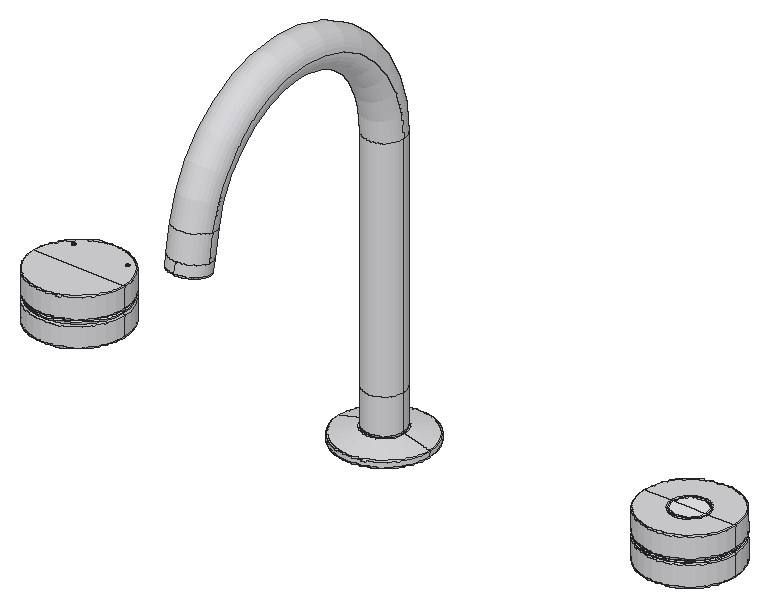
Revit family "Faucet_Touchless-Lavatory-KOHLER-Components-K-26799T_1", category Plumbing Fixtures, host Face, Revit 2021
Family settings
  Host = Face
  Round Connector Dimension = Use Diameter
  Part Type = Normal
  OmniClass Number = 23.31.11.00
  OmniClass Title = Faucets
  Cut with Voids When Loaded = No
  Shared = No
  Room Calculation Point = No
Parameters (values of type "CP-Polished Chrome")
  Width [instance] = Distance To Handle + Distance To Cover  # 15 3/4"
  WaterSense Certified = 1 = 0  # no
  Waste Water Outlet = "Waste Water Outlet"  # constant formula
  Waste Connection = 1 = 0  # no
  Vent Connection = 1 = 0  # no
  URL = "http://www.kohler.com.cn/"
  Type = 1
  Spout Reach = 6 19/64"  # constant formula
  Product Page URL = ""
  Product Name = "Components"  # constant formula
  Product Documentation Link = ""
  Pressure = 0.00 psi
  Model = "K-26799T-CP"  # constant formula
  Material = "Premium Metal Construction"  # constant formula
  Master Format 2014 Name = "Residential Faucets, Supplies, and Trim"  # constant formula
  Master Format 2014 = "22 41 39"  # constant formula
  Manufacturer Address = "Kohler Beijing Office (100016)36-2-03-B, No. 88, Liuxiang Road, Beijing"  # constant formula
  Manufacturer = "Kohler Co."  # constant formula
  Length = Spout Reach  # 6 19/64"
  Hot Water Inlet = "Hot Water Inlet"  # constant formula
  Height = 10 171/256"  # constant formula
  Handle Clearance = 2 93/256"  # constant formula
  HW Connection = 1 = 1  # yes
  Flow Rate = 2.2 GPM  # constant formula
  Finish = Kohler-Metal-CP-Polished_Chrome
  Environmental Product Declaration = ""
  Drain Included = 1 = 1  # yes
  Distance To Handle [instance] = 7 7/8"
  Distance To Cover [instance] = 7 7/8"
  Description = "Widespread Touchless Lavatory Faucet"  # constant formula
  Default Elevation = 36"
  Declare Label = ""
  Date Modified = "05/13/2023"  # constant formula
  Date Created = "05/13/2023"  # constant formula
  Copyright = "Copyright Kohler Co."  # constant formula
  Contact Us = "http://www.kohler.com.cn/contact/contact-us/"
  Cold Water Inlet = "Cold Water Inlet"  # constant formula
  CW Connection = 1 = 1  # yes
  Assembly Code = "D2010"
  ADA Compliant = 1 = 0  # no
Reference planes (in)
  plane 1 "Center (Front/Back)": y = 0
  plane 2: z = 0
  plane 3 "Center (Left/Right)": x = 0
  plane 4: x = -7.875
  plane 5: x = 7.875
  plane 6: x = 1.1811
  plane 7: x = -1.1811
  plane 8: x = 0.49213
  plane 9: x = -0.49213
  plane 10: y = -6.29688
  plane 11: y = -1.1811
  plane 12: y = 1.1811
  plane 13: x = -9.05664
  plane 14: x = 9.0561
  plane 15: x = -6.69336
  plane 16: x = 6.6939
  plane 17: z = 6.69291
  plane 18: y = -6.77953
  plane 19: z = 10.66797
  plane 20: y = -0.49213
  plane 21: y = 0.49213
  plane 22: z = 1.20276
  plane 23: x = -8.4159
  plane 24: x = -7.3341
  plane 25: z = 0.31496
Dimensions and locks (in)
  "Width": plane 4 to plane 5
  locked: plane 16 to plane 14 at 2.3622
  "Handle Clearance": plane 13 to plane 15
  plane 22 to level = 1.20276"
  "Height": plane 19 to level
  plane 17 to level = 6.69291"
  "Length": plane 1 "Center (Front/Back)" to plane 10
  plane 12 to plane 11 = 2.3622"
  plane 7 to plane 6 = 2.3622"
  equal spacing: plane 13, plane 4, plane 15
  equal spacing: plane 16, plane 5, plane 14
  locked: plane 23 to plane 24 at 1.0818
  equal spacing: plane 23, plane 4, plane 24
  plane 9 to plane 8 = 0.98425"
  plane 21 to plane 20 = 0.98425"
  plane 12 to plane 18 = 7.96063"
  "Distance To Handle": plane 3 "Center (Left/Right)" to plane 4
  "Distance To Cover": plane 5 to plane 3 "Center (Left/Right)"
  aligned and locked: plane 2 to host face
  aligned and locked: level to host face
  aligned and locked: plane 4 to nested 2
  aligned and locked: plane 5 to nested 1
  aligned and locked: plane 3 "Center (Left/Right)" to nested 3
Automatic sketch dimensions
  host sketch curve to host sketch curve = 96"  (x2)
Nested families (in)
  nested 1: "K-26799T_Cover" at (7.875, 0, 0), type "K-26799T_Cover"
  nested 2: "K-26799T_Handle" at (-7.875, 0, 0), type "K-26799T_Handle"
  nested 3: "K-26799T_Spout" at (0, 0, 0), type "K-26799T_Spout"
Connectors (in)
  piping at (-8.4159, 0, 0), diameter 0.5, driven by "Flow Rate", driven by "HW Connection", driven by "Hot Water Inlet"
    settings: on nested 2, index 1, connector inside diameter 24", connector length 0", flow factor 0, pipe flow 2.2 GPM, pressure drop 0.00 psi, fitting loss kfactor 0, connector angle 0.00°, fixture units 0, engagement length 0", angle of deflection 0.00°, flow configuration 1, flow direction 1, fitting loss method 0, system type 19, joint type 0, gender type 0, connector reference index -1, connector utility 1, adjustable connector no, is connector primary yes, connector description "Hot Water Inlet"
  piping at (-7.3341, 0, 0), diameter 0.5, driven by "Flow Rate", driven by "CW Connection", driven by "Cold Water Inlet"
    settings: on nested 2, index 2, connector inside diameter 24", connector length 0", flow factor 0, pipe flow 2.2 GPM, pressure drop 0.00 psi, fitting loss kfactor 0, connector angle 0.00°, fixture units 0, engagement length 0", angle of deflection 0.00°, flow configuration 1, flow direction 1, fitting loss method 0, system type 20, joint type 0, gender type 0, connector reference index -1, connector utility 1, adjustable connector no, is connector primary no, connector description "Cold Water Inlet"
Definition of nested family "K-26799T_Cover"
  Parameters
    Material = none
    Default Elevation = 0"
  Reference planes (in)
    plane 1 "Center (Front/Back)": y = 0
    plane 2: z = 0
    plane 3 "Center (Left/Right)": x = 0
    plane 4: x = -1.1811
    plane 5: x = 1.1811
    plane 6: z = 1.20276
    plane 7: y = 1.1811
    plane 8: y = -1.1811
  Forms (in)
    Revolve 1, solid, material <- "Material", detail levels medium+fine
      sketch origin (0, 0, 0) x (1, 0, 0) y (0, 0, 1)
        loop
          line (0, 1.1437) -> (0, 0) -> (1.16142, 0)
          arc (1.16142, 0) -> (1.17534, 0.00577) -> (1.1811, 0.01969) r 0.01969
          line (1.1811, 0.01969) -> (1.1811, 0.53156)
          arc (1.1811, 0.53156) -> (1.17534, 0.54548) -> (1.16142, 0.55125) r 0.01969
          line (1.16142, 0.55125) -> (1.10262, 0.55125)
          arc (1.10262, 0.55125) -> (1.0887, 0.55701) -> (1.08293, 0.57093) r 0.01969
          line (1.08293, 0.57093) -> (1.08293, 0.65184) -> (1.16142, 0.65184)
          arc (1.16142, 0.65184) -> (1.17534, 0.65761) -> (1.1811, 0.67153) r 0.01969
          line (1.1811, 0.67153) -> (1.1811, 1.18307)
          arc (1.1811, 1.18307) -> (1.17534, 1.19699) -> (1.16142, 1.20276) r 0.01969
          line (1.16142, 1.20276) -> (0.47197, 1.20276)
          arc (0.47197, 1.20276) -> (0.45805, 1.19699) -> (0.45228, 1.18307) r 0.01969
          line (0.45228, 1.18307) -> (0.45228, 1.1437) -> (0, 1.1437)
        axis (0, 1.20276) -> (0, 0)
      angle from 0 to 360
    Revolve 2, solid, detail levels medium+fine
      sketch origin (0, 0, 0) x (1, 0, 0) y (0, 0, 1)
        loop
          line (0.43689, 1.1437) -> (0.43689, 1.18307)
          arc (0.43689, 1.18307) -> (0.43113, 1.19699) -> (0.41721, 1.20276) r 0.01969
          line (0.41721, 1.20276) -> (0, 1.20276) -> (0, 1.1437) -> (0.43689, 1.1437)
        axis (0, 1.20276) -> (0, 1.1437)
      angle from 0 to 360
    Revolve 3, solid, material <- "Material", detail levels coarse
      sketch origin (0, 0, 0) x (1, 0, 0) y (0, 0, 1)
        loop
          line (0, 1.20276) -> (0, 1.1437) -> (0.43689, 1.1437) -> (0.43689, 1.20276) -> (0, 1.20276)
        loop
          line (1.1811, 0) -> (1.1811, 1.20276) -> (0.45228, 1.20276) -> (0.45228, 1.13618) -> (0, 1.13618) -> (0, 0) -> (1.1811, 0)
        axis (0, 1.20276) -> (0, 0)
      angle from 0 to 360
  Lines and regions (in)
    Masking region 1
      outline origin (0, 0, 0) x (1, 0, 0) y (0, 1, 0)
        loop
          circle (0, 0) r 1.1811
    Masking region 2
      outline origin (0, 0, 0) x (1, 0, 0) y (0, 0, 1)
        loop
          arc (1.1811, 1.18307) -> (1.17534, 1.19699) -> (1.16142, 1.20276) r 0.01969
          line (1.16142, 1.20276) -> (0, 1.20276) -> (-1.16142, 1.20276)
          arc (-1.16142, 1.20276) -> (-1.17534, 1.19699) -> (-1.1811, 1.18307) r 0.01969
          line (-1.1811, 1.18307) -> (-1.1811, 0.67153)
          arc (-1.1811, 0.67153) -> (-1.17534, 0.65761) -> (-1.16142, 0.65184) r 0.01969
          line (-1.16142, 0.65184) -> (-1.08293, 0.65184) -> (-1.08293, 0.57093)
          arc (-1.08293, 0.57093) -> (-1.0887, 0.55701) -> (-1.10262, 0.55125) r 0.01969
          line (-1.10262, 0.55125) -> (-1.16142, 0.55125)
          arc (-1.16142, 0.55125) -> (-1.17534, 0.54548) -> (-1.1811, 0.53156) r 0.01969
          line (-1.1811, 0.53156) -> (-1.1811, 0.01969)
          arc (-1.1811, 0.01969) -> (-1.17534, 0.00577) -> (-1.16142, 0) r 0.01969
          line (-1.16142, 0) -> (0, 0) -> (1.16142, 0)
          arc (1.16142, 0) -> (1.17534, 0.00577) -> (1.1811, 0.01969) r 0.01969
          line (1.1811, 0.01969) -> (1.1811, 0.53156)
          arc (1.1811, 0.53156) -> (1.17534, 0.54548) -> (1.16142, 0.55125) r 0.01969
          line (1.16142, 0.55125) -> (1.10262, 0.55125)
          arc (1.10262, 0.55125) -> (1.0887, 0.55701) -> (1.08293, 0.57093) r 0.01969
          line (1.08293, 0.57093) -> (1.08293, 0.65184) -> (1.16142, 0.65184)
          arc (1.16142, 0.65184) -> (1.17534, 0.65761) -> (1.1811, 0.67153) r 0.01969
          line (1.1811, 0.67153) -> (1.1811, 1.18307)
    Masking region 3
      outline origin (0, 0, 0) x (0, 1, 0) y (0, 0, 1)
        loop
          line (-1.1811, 1.18307) -> (-1.1811, 0.67153)
          arc (-1.1811, 0.67153) -> (-1.17534, 0.65761) -> (-1.16142, 0.65184) r 0.01969
          line (-1.16142, 0.65184) -> (-1.08048, 0.65184) -> (-1.08048, 0.57093)
          arc (-1.08048, 0.57093) -> (-1.08625, 0.55701) -> (-1.10017, 0.55125) r 0.01969
          line (-1.10017, 0.55125) -> (-1.16142, 0.55125)
          arc (-1.16142, 0.55125) -> (-1.17534, 0.54548) -> (-1.1811, 0.53156) r 0.01969
          line (-1.1811, 0.53156) -> (-1.1811, 0.01969)
          arc (-1.1811, 0.01969) -> (-1.17534, 0.00577) -> (-1.16142, 0) r 0.01969
          line (-1.16142, 0) -> (0.00245, 0) -> (1.16142, 0)
          arc (1.16142, 0) -> (1.17534, 0.00577) -> (1.1811, 0.01969) r 0.01969
          line (1.1811, 0.01969) -> (1.1811, 0.53156)
          arc (1.1811, 0.53156) -> (1.17534, 0.54548) -> (1.16142, 0.55125) r 0.01969
          line (1.16142, 0.55125) -> (1.10507, 0.55125)
          arc (1.10507, 0.55125) -> (1.09115, 0.55701) -> (1.08538, 0.57093) r 0.01969
          line (1.08538, 0.57093) -> (1.08538, 0.65184) -> (1.16142, 0.65184)
          arc (1.16142, 0.65184) -> (1.17534, 0.65761) -> (1.1811, 0.67153) r 0.01969
          line (1.1811, 0.67153) -> (1.1811, 1.18307)
          arc (1.1811, 1.18307) -> (1.17534, 1.19699) -> (1.16142, 1.20276) r 0.01969
          line (1.16142, 1.20276) -> (0.00245, 1.20276) -> (-1.16142, 1.20276)
          arc (-1.16142, 1.20276) -> (-1.17534, 1.19699) -> (-1.1811, 1.18307) r 0.01969
    symbolic lines, detail levels medium+fine
      curve 1: circle (0, 0, 0) r 0.46233 normal (0, 0, 1)
      curve 2: circle (0, 0, 0) r 0.44685 normal (0, 0, 1)
      curve 3: circle (0, 0, 0) r 1.15152 normal (0, 0, 1)
      curve 4: line (-1.1811, 0, 1.18307) -> (1.1811, 0, 1.18307)
      curve 5: line (-1.1811, 0, 0.67153) -> (1.1811, 0, 0.67153)
      curve 6: line (-1.08293, 0, 0.65184) -> (1.08293, 0, 0.65184)
      curve 7: line (1.10262, 0, 0.55125) -> (-1.10262, 0, 0.55125)
      curve 8: line (-1.08293, 0, 0.57093) -> (1.08293, 0, 0.57093)
      curve 9: line (1.1811, 0, 0.53156) -> (-1.1811, 0, 0.53156)
      curve 10: line (-1.1811, 0, 0.01969) -> (1.1811, 0, 0.01969)
      curve 11: line (0, 1.1811, 1.18307) -> (0, -1.1811, 1.18307)
      curve 12: line (0, 1.1811, 0.67153) -> (0, -1.1811, 0.67153)
      curve 13: line (0, 1.08538, 0.65184) -> (0, -1.08048, 0.65184)
      curve 14: line (0, -1.08048, 0.57093) -> (0, 1.08538, 0.57093)
      curve 15: line (0, 1.10507, 0.55125) -> (0, -1.10017, 0.55125)
      curve 16: line (0, -1.1811, 0.53156) -> (0, 1.1811, 0.53156)
      curve 17: line (0, 1.1811, 0.01969) -> (0, -1.1811, 0.01969)
  Dimensions and locks (in)
    aligned and locked: plane 2 to level
Definition of nested family "K-26799T_Handle"
  Parameters
    Material = none
    Default Elevation = 0"
  Reference planes (in)
    plane 1 "Center (Front/Back)": y = 0
    plane 2: z = 0
    plane 3 "Center (Left/Right)": x = 0
    plane 4: x = -1.1811
    plane 5: x = 1.1811
    plane 6: z = 1.20276
    plane 7: y = 1.1811
    plane 8: y = -1.1811
    plane 9: x = -0.3937
    plane 10: x = 0.3937
    plane 11: x = -0.5409
    plane 12: x = 0.5409
  Forms (in)
    Revolve 1, solid, material <- "Material", detail levels medium+fine
      sketch origin (0, 0, 0) x (1, 0, 0) y (0, 0, 1)
        loop
          line (0, 1.20276) -> (0, 0.55128) -> (1.1371, 0.55128)
          arc (1.1371, 0.55128) -> (1.14803, 0.56084) -> (1.14325, 0.57456) r 0.01298
          arc (1.14325, 0.57456) -> (1.08668, 0.61458) -> (1.02809, 0.6516) r 1.32993
          line (1.02809, 0.6516) -> (1.16142, 0.6516)
          arc (1.16142, 0.6516) -> (1.17534, 0.65736) -> (1.1811, 0.67128) r 0.01969
          line (1.1811, 0.67128) -> (1.1811, 1.18307)
          arc (1.1811, 1.18307) -> (1.17534, 1.19699) -> (1.16142, 1.20276) r 0.01969
          line (1.16142, 1.20276) -> (0, 1.20276)
        axis (0, 1.20276) -> (0, 0.55128)
      angle from 0 to 360
    Extrusion 2, void
      sketch origin (0, 0, 0) x (1, 0, 0) y (0, 1, 0)
        loop
          circle (-0.69636, 0.69627) r 0.04016
        loop
          circle (0.69636, 0.69627) r 0.04016
      from 1.18615 to 1.23523
    Extrusion 3, solid, detail levels medium+fine
      sketch origin (0, 0, 0) x (1, 0, 0) y (0, 1, 0)
        loop
          circle (-0.69636, 0.69627) r 0.03937
      from 1.18615 to 1.20276
    Extrusion 4, solid, detail levels medium+fine
      sketch origin (0, 0, 0) x (-1, 0, 0) y (0, -1, 0)
        loop
          circle (-0.69636, -0.69627) r 0.03937
      from 1.18615 to 1.20276
    Extrusion 5, void
      sketch origin (0, 0, 0) x (1, 0, 0) y (0, 0, 1)
        loop
          line (0.09843, 0.57585) -> (-0.09842, 0.57585) -> (-0.09842, 0.4499)
          arc (-0.09842, 0.4499) -> (0, 0.35148) -> (0.09843, 0.4499) r 0.09843
          line (0.09843, 0.4499) -> (0.09843, 0.57585)
      from -1.42697 to -0.8876
    Revolve 6, solid, material <- "Material", detail levels medium+fine
      sketch origin (0, 0, 0) x (1, 0, 0) y (0, 0, 1)
        loop
          line (0, 0) -> (1.16142, 0)
          arc (1.16142, 0) -> (1.17534, 0.00577) -> (1.1811, 0.01969) r 0.01969
          line (1.1811, 0.01969) -> (1.1811, 0.50916)
          arc (1.1811, 0.50916) -> (1.16876, 0.53894) -> (1.13898, 0.55128) r 0.04213
          line (1.13898, 0.55128) -> (0, 0.55128) -> (0, 0)
        axis (0, 0.55128) -> (0, 0)
      angle from 0 to 360
    Extrusion 7, solid, detail levels medium+fine
      sketch origin (0, 0, 0) x (1, 0, 0) y (0, 0, 1)
        loop
          line (0.09843, 0.55128) -> (-0.09842, 0.55128) -> (-0.09842, 0.4499)
          arc (-0.09842, 0.4499) -> (0, 0.35148) -> (0.09843, 0.4499) r 0.09843
          line (0.09843, 0.4499) -> (0.09843, 0.55128)
        loop
          line (-0.04122, 0.52) -> (-0.08003, 0.44998) -> (-0.05002, 0.40003) -> (0.05179, 0.40181) -> (0.08004, 0.45278) -> (0.03881, 0.52139) -> (-0.04122, 0.52)
      from -1.13392 to -0.8876
    Revolve 8, solid, material <- "Material", detail levels coarse
      sketch origin (0, 0, 0) x (1, 0, 0) y (0, 0, 1)
        loop
          line (1.1811, 1.20276) -> (0, 1.20276) -> (0, 0) -> (1.1811, 0) -> (1.1811, 1.20276)
        axis (0, 1.20276) -> (0, 0)
      angle from 0 to 360
    Extrusion 9, solid, material <- "Material", detail levels medium+fine
      sketch origin (0, 0, 0) x (1, 0, 0) y (0, 1, 0)
        loop
          circle (-0.5409, 0) r 0.25
        loop
          circle (0.5409, 0) r 0.25
      from 0 to 0.03419
  Cuts and joins
    Extrusion 2 cuts Revolve 1
    Extrusion 5 cuts Revolve 6
  Lines and regions (in)
    Masking region 1
      outline origin (0, 0, 0) x (1, 0, 0) y (0, 1, 0)
        loop
          circle (0, 0) r 1.1811
    Masking region 2
      outline origin (0, 0, 0) x (1, 0, 0) y (0, 0, 1)
        loop
          line (0, 0) -> (1.16142, 0)
          arc (1.16142, 0) -> (1.17534, 0.00577) -> (1.1811, 0.01969) r 0.01969
          line (1.1811, 0.01969) -> (1.1811, 0.50914)
          arc (1.1811, 0.50914) -> (1.1681, 0.5396) -> (1.1371, 0.55128) r 0.04218
          arc (1.1371, 0.55128) -> (1.14803, 0.56084) -> (1.14325, 0.57456) r 0.01298
          arc (1.14325, 0.57456) -> (1.08668, 0.61458) -> (1.02809, 0.6516) r 1.32993
          line (1.02809, 0.6516) -> (1.16142, 0.6516)
          arc (1.16142, 0.6516) -> (1.17534, 0.65736) -> (1.1811, 0.67128) r 0.01969
          line (1.1811, 0.67128) -> (1.1811, 1.18307)
          arc (1.1811, 1.18307) -> (1.17534, 1.19699) -> (1.16142, 1.20276) r 0.01969
          line (1.16142, 1.20276) -> (0, 1.20276) -> (-1.16142, 1.20276)
          arc (-1.16142, 1.20276) -> (-1.17534, 1.19699) -> (-1.1811, 1.18307) r 0.01969
          line (-1.1811, 1.18307) -> (-1.1811, 0.67128)
          arc (-1.1811, 0.67128) -> (-1.17534, 0.65736) -> (-1.16142, 0.6516) r 0.01969
          line (-1.16142, 0.6516) -> (-1.02809, 0.6516)
          arc (-1.02809, 0.6516) -> (-1.08668, 0.61458) -> (-1.14325, 0.57456) r 1.32993
          arc (-1.14325, 0.57456) -> (-1.14803, 0.56084) -> (-1.1371, 0.55128) r 0.01298
          arc (-1.1371, 0.55128) -> (-1.1681, 0.5396) -> (-1.1811, 0.50914) r 0.04218
          line (-1.1811, 0.50914) -> (-1.1811, 0.01969)
          arc (-1.1811, 0.01969) -> (-1.17534, 0.00577) -> (-1.16142, 0) r 0.01969
          line (-1.16142, 0) -> (0, 0)
    Masking region 3
      outline origin (0, 0, 0) x (0, 1, 0) y (0, 0, 1)
        loop
          line (0.00099, 0) -> (1.16142, 0)
          arc (1.16142, 0) -> (1.17534, 0.00577) -> (1.1811, 0.01969) r 0.01969
          line (1.1811, 0.01969) -> (1.1811, 0.50914)
          arc (1.1811, 0.50914) -> (1.1681, 0.5396) -> (1.1371, 0.55128) r 0.04218
          arc (1.1371, 0.55128) -> (1.14803, 0.56084) -> (1.14325, 0.57456) r 0.01298
          arc (1.14325, 0.57456) -> (1.08668, 0.61458) -> (1.02809, 0.6516) r 1.32993
          line (1.02809, 0.6516) -> (1.16142, 0.6516)
          arc (1.16142, 0.6516) -> (1.17534, 0.65736) -> (1.1811, 0.67128) r 0.01969
          line (1.1811, 0.67128) -> (1.1811, 1.18307)
          arc (1.1811, 1.18307) -> (1.17534, 1.19699) -> (1.16142, 1.20276) r 0.01969
          line (1.16142, 1.20276) -> (0.00099, 1.20276) -> (-1.16142, 1.20276)
          arc (-1.16142, 1.20276) -> (-1.17534, 1.19699) -> (-1.1811, 1.18307) r 0.01969
          line (-1.1811, 1.18307) -> (-1.1811, 0.67128)
          arc (-1.1811, 0.67128) -> (-1.17534, 0.65736) -> (-1.16142, 0.6516) r 0.01969
          line (-1.16142, 0.6516) -> (-1.02809, 0.6516)
          arc (-1.02809, 0.6516) -> (-1.08668, 0.61458) -> (-1.14325, 0.57456) r 1.32993
          arc (-1.14325, 0.57456) -> (-1.14803, 0.56084) -> (-1.1371, 0.55128) r 0.01298
          arc (-1.1371, 0.55128) -> (-1.1681, 0.5396) -> (-1.1811, 0.50914) r 0.04218
          line (-1.1811, 0.50914) -> (-1.1811, 0.01969)
          arc (-1.1811, 0.01969) -> (-1.17534, 0.00577) -> (-1.16142, 0) r 0.01969
          line (-1.16142, 0) -> (0.00099, 0)
    symbolic lines, detail levels medium+fine
      curve 1: circle (0, 0, 0) r 1.15637 normal (0, 0, 1)
      curve 2: circle (-0.69636, 0.69627, 0) r 0.04016 normal (0, 0, 1)
      curve 3: circle (0.69636, 0.69627, 0) r 0.03937 normal (0, 0, 1)
      curve 4: line (-1.1811, 0, 1.18307) -> (1.1811, 0, 1.18307)
      curve 5: line (1.1811, 0, 0.67128) -> (-1.1811, 0, 0.67128)
      curve 6: line (-1.02809, 0, 0.6516) -> (1.02809, 0, 0.6516)
      curve 7: line (-1.1811, 0, 0.01969) -> (1.1811, 0, 0.01969)
      curve 8: line (1.1811, 0, 0.50914) -> (-1.1811, 0, 0.50914)
      curve 9: line (-1.1371, 0, 0.55128) -> (1.1371, 0, 0.55128)
      curve 10: line (1.14325, 0, 0.57456) -> (-1.14325, 0, 0.57456)
      curve 11: line (0, 1.1811, 1.18307) -> (0, -1.1811, 1.18307)
      curve 12: line (0, -1.1811, 0.67128) -> (0, 1.1811, 0.67128)
      curve 13: line (0, 1.02809, 0.6516) -> (0, -1.02809, 0.6516)
      curve 14: line (0, -1.1371, 0.55128) -> (0, 1.1371, 0.55128)
      curve 15: line (0, 1.1811, 0.50914) -> (0, -1.1811, 0.50914)
      curve 16: line (0, -1.1811, 0.01969) -> (0, 1.1811, 0.01969)
      curve 17: line (0, 1.14325, 0.57456) -> (0, -1.14325, 0.57456)
  Dimensions and locks (in)
    plane 5 to plane 4 = 2.3622"
    Extrusion 3 sketch curve to plane 7 = 0.48483"
    aligned and locked: plane 2 to level
Definition of nested family "K-26799T_Spout"
  Parameters
    Material = none
    Default Elevation = 0"
  Reference planes (in)
    plane 1 "Center (Front/Back)": y = 0
    plane 2: z = 0
    plane 3 "Center (Left/Right)": x = 0
    plane 4: z = 10.66929
    plane 5: x = 0.49213
    plane 6: x = -0.49213
    plane 7: x = -1.1811
    plane 8: x = 1.1811
    plane 9: z = 6.69291
    plane 10: y = 0.49213
    plane 11: y = -0.49213
    plane 12: y = -6.29528
    plane 13: y = 1.1811
    plane 14: y = -1.1811
    plane 15: y = -6.77953
    plane 16 "A": through (0, -5.83294, 6.61087) normal (0, 0.1736, 0.9848)
  Forms (in)
    Revolve 1, solid, material <- "Material", detail levels medium+fine
      sketch origin (0, 0, 0) x (1, 0, 0) y (0, 0, 1)
        loop
          line (0, 0) -> (1.16142, 0)
          arc (1.16142, 0) -> (1.17534, 0.00577) -> (1.1811, 0.01969) r 0.01969
          line (1.1811, 0.01969) -> (1.1811, 0.13839)
          arc (1.1811, 0.13839) -> (1.17601, 0.15304) -> (1.16292, 0.16137) r 0.02362
          line (1.16292, 0.16137) -> (0.53156, 0.31086)
          arc (0.53156, 0.31086) -> (0.51411, 0.31393) -> (0.49643, 0.31496) r 0.15248
          line (0.49643, 0.31496) -> (0.46493, 0.31496)
          arc (0.46493, 0.31496) -> (0.48451, 0.32748) -> (0.49213, 0.34943) r 0.03544
          line (0.49213, 0.34943) -> (0.49213, 1.55286) -> (0, 1.55286) -> (0, 0)
        axis (0, 1.55286) -> (0, 0)
      angle from 0 to 360
    Sweep 2, solid, material <- "Material", detail levels medium+fine
      path origin (0, 0, 0) x (0, 1, 0) y (0, 0, 1)
        loop
          line (0, 1.2618) -> (0, 7.11567)
          arc (0, 7.11567) -> (-2.81887, 10.19193) -> (-6.1291, 7.65189) r 3.08801
          line (-6.1291, 7.65189) -> (-6.24695, 6.98355)
      profile origin (0, 0, 4.18873) x (0, -1, 0) y (1, 0, 0)
        loop
          circle (0, 0) r 0.49213
    Revolve 3, solid, material <- "Material", detail levels medium+fine
      sketch origin (0, 0, 0) x (0, 1, 0) y (0, 0, 1)
        loop
          line (-6.7316, 7.069) -> (-6.77943, 6.79776)
          arc (-6.77943, 6.79776) -> (-6.77617, 6.78305) -> (-6.76346, 6.77495) r 0.01969
          line (-6.76346, 6.77495) -> (-6.2982, 6.69291) -> (-6.24695, 6.98355) -> (-6.7316, 7.069)
        axis (-6.2982, 6.69291) -> (-6.24695, 6.98355)
      angle from 0 to 360
    Revolve 4, void
      sketch origin (0, 0, 0) x (0, 1, 0) y (0, 0, 1)
        loop
          line (-6.32758, 6.52631) -> (-6.13304, 7.62955) -> (-6.55659, 7.70424) -> (-6.75113, 6.601) -> (-6.32758, 6.52631)
        axis (-6.13304, 7.62955) -> (-6.32758, 6.52631)
      angle from 0 to 360
    Revolve 5, solid, detail levels medium+fine
      sketch origin (0, 0, 0) x (0, 1, 0) y (0, 0, 1)
        loop
          line (-6.66957, 7.05806) -> (-6.6036, 7.08641) -> (-6.49653, 7.69365) -> (-6.55566, 7.70407) -> (-6.66957, 7.05806)
        axis (-6.13304, 7.62955) -> (-6.24695, 6.98355)
      angle from 0 to 360
    Revolve 6, solid, detail levels medium+fine
      sketch origin (0, 0, 0) x (0, 1, 0) y (0, 0, 1)
        loop
          line (-6.13304, 7.62955) -> (-6.49409, 7.69322) -> (-6.59142, 7.14124) -> (-6.54305, 7.13271) -> (-6.53681, 7.16808) -> (-6.22414, 7.11295) -> (-6.13304, 7.62955)
        axis (-6.13304, 7.62955) -> (-6.23037, 7.07758)
      angle from 0 to 360
    Extrusion 7, solid, detail levels medium+fine
      sketch origin (0, 0.95464, 5.41404) x (0, 0.984808, -0.173648) y (-1, 0, 0)
        loop
          arc (-7.6683, 0.20555) -> (-7.70361, 0.13988) -> (-7.7249, 0.06843) r 0.36661
          line (-7.7249, 0.06843) -> (-7.67476, 0.06843)
          arc (-7.67476, 0.06843) -> (-7.65823, 0.12108) -> (-7.63283, 0.17008) r 0.3175
          line (-7.63283, 0.17008) -> (-7.6683, 0.20555)
        loop
          arc (-7.5677, -0.3053) -> (-7.50365, -0.33927) -> (-7.43418, -0.35998) r 0.36661
          line (-7.43418, -0.35998) -> (-7.43418, -0.30981)
          arc (-7.43418, -0.30981) -> (-7.48485, -0.2939) -> (-7.53216, -0.26976) r 0.3175
          line (-7.53216, -0.26976) -> (-7.5677, -0.3053)
        loop
          line (-7.09645, -0.16979) -> (-7.06097, -0.20527)
          arc (-7.06097, -0.20527) -> (-7.02653, -0.14153) -> (-7.0053, -0.07226) r 0.36661
          line (-7.0053, -0.07226) -> (-7.05556, -0.07226)
          arc (-7.05556, -0.07226) -> (-7.07191, -0.12274) -> (-7.09645, -0.16979) r 0.3175
        loop
          line (-7.19493, 0.26828) -> (-7.15945, 0.30376)
          arc (-7.15945, 0.30376) -> (-7.22354, 0.33834) -> (-7.29319, 0.35957) r 0.36661
          line (-7.29319, 0.35957) -> (-7.29319, 0.30933)
          arc (-7.29319, 0.30933) -> (-7.24233, 0.29296) -> (-7.19493, 0.26828) r 0.3175
      from 0.33449 to 0.42652
    Extrusion 8, solid, detail levels medium+fine
      sketch origin (0, 0.95464, 5.41404) x (0, 0.984808, -0.173648) y (-1, 0, 0)
        loop
          arc (-7.43247, 0.3603) -> (-7.50375, 0.33923) -> (-7.56932, 0.30422) r 0.36661
          line (-7.56932, 0.30422) -> (-7.53382, 0.26872)
          arc (-7.53382, 0.26872) -> (-7.48495, 0.29386) -> (-7.43247, 0.31019) r 0.3175
          line (-7.43247, 0.31019) -> (-7.43247, 0.3603)
        loop
          arc (-7.72416, -0.0722) -> (-7.70221, -0.14321) -> (-7.6664, -0.20833) r 0.36661
          line (-7.6664, -0.20833) -> (-7.631, -0.17293)
          arc (-7.631, -0.17293) -> (-7.65683, -0.12443) -> (-7.67391, -0.0722) r 0.3175
          line (-7.67391, -0.0722) -> (-7.72416, -0.0722)
        loop
          line (-7.29518, -0.30979) -> (-7.29518, -0.35996)
          arc (-7.29518, -0.35996) -> (-7.22661, -0.3396) -> (-7.1633, -0.30632) r 0.36661
          line (-7.1633, -0.30632) -> (-7.19888, -0.27074)
          arc (-7.19888, -0.27074) -> (-7.24542, -0.29423) -> (-7.29518, -0.30979) r 0.3175
        loop
          line (-7.05471, 0.0685) -> (-7.00457, 0.0685)
          arc (-7.00457, 0.0685) -> (-7.02524, 0.1384) -> (-7.05933, 0.20283) r 0.36661
          line (-7.05933, 0.20283) -> (-7.09488, 0.16729)
          arc (-7.09488, 0.16729) -> (-7.07062, 0.11959) -> (-7.05471, 0.0685) r 0.3175
      from 0.36139 to 0.42652
    Extrusion 9, solid, detail levels medium+fine
      sketch origin (0, 0.95464, 5.41404) x (0, 0.984808, -0.173648) y (-1, 0, 0)
        loop
          circle (-7.63702, 0.05629) r 0.01435
        loop
          circle (-7.64184, 0.00122) r 0.01435
        loop
          circle (-7.63144, -0.05774) r 0.01435
        loop
          circle (-7.61757, -0.10951) r 0.01435
        loop
          circle (-7.59506, -0.15777) r 0.01435
        loop
          circle (-7.55221, -0.20063) r 0.01435
        loop
          circle (-7.51138, -0.24146) r 0.01435
        loop
          circle (-7.46295, -0.25444) r 0.01435
        loop
          circle (-7.4053, -0.27542) r 0.01435
        loop
          circle (-7.3407, -0.27542) r 0.01435
        loop
          circle (-7.29431, -0.26299) r 0.01435
        loop
          circle (-7.22786, -0.24518) r 0.01435
        loop
          circle (-7.16724, -0.20273) r 0.01435
        loop
          circle (-7.13332, -0.15429) r 0.01435
        loop
          circle (-7.10415, -0.10377) r 0.01435
        loop
          circle (-7.08882, -0.04657) r 0.01435
        loop
          circle (-7.08882, 0.00009) r 0.01435
        loop
          circle (-7.08882, 0.06073) r 0.01435
        loop
          circle (-7.10862, 0.11513) r 0.01435
        loop
          circle (-7.13383, 0.15879) r 0.01435
        loop
          circle (-7.17541, 0.20037) r 0.01435
        loop
          circle (-7.21504, 0.24) r 0.01435
        loop
          circle (-7.25966, 0.25196) r 0.01435
        loop
          circle (-7.31938, 0.27369) r 0.01435
        loop
          circle (-7.36052, 0.28472) r 0.01435
        loop
          circle (-7.41712, 0.28472) r 0.01435
        loop
          circle (-7.47596, 0.2633) r 0.01435
        loop
          circle (-7.51404, 0.22523) r 0.01435
        loop
          circle (-7.55879, 0.19939) r 0.01435
        loop
          circle (-7.5968, 0.16138) r 0.01435
        loop
          circle (-7.61867, 0.12351) r 0.01435
        loop
          circle (-7.56951, 0.08909) r 0.01435
        loop
          circle (-7.56951, 0.04782) r 0.01435
        loop
          circle (-7.59414, 0.00517) r 0.01435
        loop
          circle (-7.58175, -0.04105) r 0.01435
        loop
          circle (-7.57137, -0.0798) r 0.01435
        loop
          circle (-7.5353, -0.11587) r 0.01435
        loop
          circle (-7.51078, -0.15834) r 0.01435
        loop
          circle (-7.44306, -0.20776) r 0.01435
        loop
          circle (-7.40268, -0.20776) r 0.01435
        loop
          circle (-7.36367, -0.21822) r 0.01435
        loop
          circle (-7.31418, -0.21822) r 0.01435
        loop
          circle (-7.28008, -0.19853) r 0.01435
        loop
          circle (-7.23586, -0.173) r 0.01435
        loop
          circle (-7.19776, -0.13489) r 0.01435
        loop
          circle (-7.16585, -0.07963) r 0.01435
        loop
          circle (-7.15367, -0.01054) r 0.01435
        loop
          circle (-7.15367, 0.06753) r 0.01435
        loop
          circle (-7.18664, 0.11461) r 0.01435
        loop
          circle (-7.22568, 0.15366) r 0.01435
        loop
          circle (-7.29281, 0.18496) r 0.01435
        loop
          circle (-7.37859, 0.21618) r 0.01435
        loop
          circle (-7.44764, 0.204) r 0.01435
        loop
          circle (-7.49726, 0.18086) r 0.01435
        loop
          circle (-7.53343, 0.1447) r 0.01435
        loop
          circle (-7.49472, 0.08448) r 0.01435
        loop
          circle (-7.51397, 0.03161) r 0.01435
        loop
          circle (-7.51397, -0.01998) r 0.01435
        loop
          circle (-7.51397, -0.06446) r 0.01435
        loop
          circle (-7.47719, -0.10124) r 0.01435
        loop
          circle (-7.4479, -0.13053) r 0.01435
        loop
          circle (-7.40994, -0.1407) r 0.01435
        loop
          circle (-7.37505, -0.16084) r 0.01435
        loop
          circle (-7.32987, -0.16084) r 0.01435
        loop
          circle (-7.29395, -0.1401) r 0.01435
        loop
          circle (-7.23185, -0.07801) r 0.01435
        loop
          circle (-7.20889, -0.02876) r 0.01435
        loop
          circle (-7.20889, 0.03647) r 0.01435
        loop
          circle (-7.23301, 0.07825) r 0.01435
        loop
          circle (-7.26881, 0.11405) r 0.01435
        loop
          circle (-7.3214, 0.15088) r 0.01435
        loop
          circle (-7.37892, 0.15088) r 0.01435
        loop
          circle (-7.43651, 0.13545) r 0.01435
        loop
          circle (-7.43651, 0.07258) r 0.01435
        loop
          circle (-7.4488, 0.02673) r 0.01435
        loop
          circle (-7.4488, -0.017) r 0.01435
        loop
          circle (-7.4488, -0.05334) r 0.01435
        loop
          circle (-7.39743, -0.07729) r 0.01435
        loop
          circle (-7.34974, -0.09007) r 0.01435
        loop
          circle (-7.3127, -0.09007) r 0.01435
        loop
          circle (-7.29062, -0.05183) r 0.01435
        loop
          circle (-7.26916, -0.01466) r 0.01435
        loop
          circle (-7.2836, 0.03923) r 0.01435
        loop
          circle (-7.31137, 0.067) r 0.01435
        loop
          circle (-7.3554, 0.09242) r 0.01435
        loop
          circle (-7.40506, 0.04276) r 0.01435
        loop
          circle (-7.40506, -0.00019) r 0.01435
        loop
          circle (-7.39401, -0.04142) r 0.01435
        loop
          circle (-7.35757, -0.05119) r 0.01435
        loop
          circle (-7.31534, 0.00716) r 0.01435
      from 0.41159 to 0.42652
    Sweep 10, solid, material <- "Material", detail levels coarse
      path origin (0, 0, 0) x (0, 1, 0) y (0, 0, 1)
        loop
          line (0, 0.23511) -> (0, 7.06438)
          arc (0, 7.06438) -> (-2.83082, 10.14917) -> (-6.14688, 7.59316) r 3.09619
          line (-6.14688, 7.59316) -> (-6.30277, 6.69382)
      profile origin (0, 0, 3.64974) x (0, -1, 0) y (1, 0, 0)
        loop
          circle (0, 0) r 0.49213
    Revolve 11, solid, material <- "Material", detail levels coarse
      sketch origin (0, 0, 0) x (0, 1, 0) y (0, 0, 1)
        loop
          line (0, 0) -> (0, 0.31086) -> (-1.1811, 0.31086) -> (-1.1811, 0) -> (0, 0)
        axis (0, 0.31086) -> (0, 0)
      angle from 0 to 360
  Cuts and joins
    Revolve 4 cuts Revolve 1
    Revolve 4 cuts Sweep 2
    Revolve 4 cuts Revolve 3
    joined: Revolve 1, Sweep 2, Revolve 3
    joined: Sweep 10, Revolve 11
  Lines and regions (in)
    Masking region 1
      outline origin (0, 0, 0) x (1, 0, 0) y (0, 0, 1)
        loop
          line (0, 0) -> (1.16142, 0)
          arc (1.16142, 0) -> (1.17534, 0.00577) -> (1.1811, 0.01969) r 0.01969
          line (1.1811, 0.01969) -> (1.1811, 0.13839)
          arc (1.1811, 0.13839) -> (1.17601, 0.15304) -> (1.16292, 0.16137) r 0.02362
          line (1.16292, 0.16137) -> (0.53156, 0.31086)
          arc (0.53156, 0.31086) -> (0.51411, 0.31393) -> (0.49643, 0.31496) r 0.15248
          line (0.49643, 0.31496) -> (0.46493, 0.31496)
          arc (0.46493, 0.31496) -> (0.48451, 0.32748) -> (0.49213, 0.34943) r 0.03544
          line (0.49213, 0.34943) -> (0.49213, 10.17717)
          arc (0.49213, 10.17717) -> (0, 10.66929) -> (-0.49213, 10.17717) r 0.49213
          line (-0.49213, 10.17717) -> (-0.49213, 0.34943)
          arc (-0.49213, 0.34943) -> (-0.48451, 0.32748) -> (-0.46493, 0.31496) r 0.03544
          line (-0.46493, 0.31496) -> (-0.49643, 0.31496)
          arc (-0.49643, 0.31496) -> (-0.51411, 0.31393) -> (-0.53156, 0.31086) r 0.15248
          line (-0.53156, 0.31086) -> (-1.16292, 0.16137)
          arc (-1.16292, 0.16137) -> (-1.17601, 0.15304) -> (-1.1811, 0.13839) r 0.02362
          line (-1.1811, 0.13839) -> (-1.1811, 0.01969)
          arc (-1.1811, 0.01969) -> (-1.17534, 0.00577) -> (-1.16142, 0) r 0.01969
          line (-1.16142, 0) -> (0, 0)
    Masking region 2
      outline origin (0, 0, 0) x (0, 1, 0) y (0, 0, 1)
        loop
          line (0, 0) -> (1.16142, 0)
          arc (1.16142, 0) -> (1.17534, 0.00577) -> (1.1811, 0.01969) r 0.01969
          line (1.1811, 0.01969) -> (1.1811, 0.13839)
          arc (1.1811, 0.13839) -> (1.17601, 0.15304) -> (1.16292, 0.16137) r 0.02362
          line (1.16292, 0.16137) -> (0.53156, 0.31086)
          arc (0.53156, 0.31086) -> (0.51411, 0.31393) -> (0.49643, 0.31496) r 0.15248
          line (0.49643, 0.31496) -> (0.46493, 0.31496)
          arc (0.46493, 0.31496) -> (0.48451, 0.32748) -> (0.49213, 0.34943) r 0.03544
          line (0.49213, 0.34943) -> (0.49213, 7.08664)
          arc (0.49213, 7.08664) -> (-2.77967, 10.65718) -> (-6.62178, 7.70902) r 3.58418
          line (-6.62178, 7.70902) -> (-6.77893, 6.81776)
          arc (-6.77893, 6.81776) -> (-6.77241, 6.78834) -> (-6.74699, 6.77215) r 0.03937
          line (-6.74699, 6.77215) -> (-5.85854, 6.6155)
          arc (-5.85854, 6.6155) -> (-5.82912, 6.62202) -> (-5.81293, 6.64743) r 0.03937
          line (-5.81293, 6.64743) -> (-5.65709, 7.53124)
          arc (-5.65709, 7.53124) -> (-2.86758, 9.67171) -> (-0.49213, 7.07937) r 2.60225
          line (-0.49213, 7.07937) -> (-0.49213, 0.34943)
          arc (-0.49213, 0.34943) -> (-0.48451, 0.32748) -> (-0.46493, 0.31496) r 0.03544
          line (-0.46493, 0.31496) -> (-0.49643, 0.31496)
          arc (-0.49643, 0.31496) -> (-0.51411, 0.31393) -> (-0.53156, 0.31086) r 0.15248
          line (-0.53156, 0.31086) -> (-1.16292, 0.16137)
          arc (-1.16292, 0.16137) -> (-1.17601, 0.15304) -> (-1.1811, 0.13839) r 0.02362
          line (-1.1811, 0.13839) -> (-1.1811, 0.01969)
          arc (-1.1811, 0.01969) -> (-1.17534, 0.00577) -> (-1.16142, 0) r 0.01969
          line (-1.16142, 0) -> (0, 0)
    Masking region 3
      outline origin (0, 0, 0) x (1, 0, 0) y (0, 1, 0)
        loop
          arc (-0.49213, -6.2874) -> (0, -6.77953) -> (0.49213, -6.2874) r 0.49213
          line (0.49213, -6.2874) -> (0.49213, -1.07369)
          arc (0.49213, -1.07369) -> (0, 1.1811) -> (-0.49213, -1.07369) r 1.1811
          line (-0.49213, -1.07369) -> (-0.49213, -6.2874)
    symbolic lines, detail levels medium+fine
      curve 1: spline (-0.49213, 0, 6.69291) -> (-0.47536, 0, 6.67151) -> (-0.42619, 0, 6.65157) -> (-0.34799, 0, 6.63445) -> (-0.24606, 0, 6.62131) -> (-0.12737, 0, 6.61305) -> (0, 0, 6.61023) -> (0.12737, 0, 6.61305) -> (0.24606, 0, 6.62131) -> (0.34799, 0, 6.63445) -> (0.42619, 0, 6.65157) -> (0.47536, 0, 6.67151) -> (0.49213, 0, 6.69291) -> (0.47536, 0, 6.71431) -> (0.42619, 0, 6.73426) -> (0.34799, 0, 6.75138) -> (0.24606, 0, 6.76452) -> (0.12737, 0, 6.77278) -> (0, 0, 6.7756) -> (-0.12737, 0, 6.77278) -> (-0.24606, 0, 6.76452) -> (-0.34799, 0, 6.75138) -> (-0.42619, 0, 6.73426) -> (-0.47536, 0, 6.71431) -> (-0.49213, 0, 6.69291)
      curve 2: spline (-0.43003, 0, 6.69291) -> (-0.41537, 0, 6.67615) -> (-0.37241, 0, 6.66053) -> (-0.30407, 0, 6.64711) -> (-0.21501, 0, 6.63682) -> (-0.1113, 0, 6.63035) -> (0, 0, 6.62814) -> (0.1113, 0, 6.63035) -> (0.21501, 0, 6.63682) -> (0.30407, 0, 6.64711) -> (0.37241, 0, 6.66053) -> (0.41537, 0, 6.67615) -> (0.43003, 0, 6.69291) -> (0.41537, 0, 6.70968) -> (0.37241, 0, 6.7253) -> (0.30407, 0, 6.73871) -> (0.21501, 0, 6.74901) -> (0.1113, 0, 6.75548) -> (0, 0, 6.75768) -> (-0.1113, 0, 6.75548) -> (-0.21501, 0, 6.74901) -> (-0.30407, 0, 6.73871) -> (-0.37241, 0, 6.7253) -> (-0.41537, 0, 6.70968) -> (-0.43003, 0, 6.69291)
      curve 3: arc (-0.42262, 0, 6.75495) -> (0.0016, 0, 6.79641) -> (0.42582, 0, 6.75495) r 2.19095
      curve 4: arc (-0.49213, 0, 7.63139) -> (0, 0, 7.70527) -> (0.49213, 0, 7.63139) r 1.6761
      curve 5: line (-1.1811, 0, 0.01969) -> (1.1811, 0, 0.01969)
      curve 6: line (1.1811, 0, 0.13839) -> (-1.1811, 0, 0.13839)
      curve 7: line (-1.16292, 0, 0.16137) -> (1.16292, 0, 0.16137)
      curve 8: line (-0.46493, 0, 0.31496) -> (0.46493, 0, 0.31496)
      curve 9: line (0.49213, 0, 0.34943) -> (-0.49213, 0, 0.34943)
      curve 10: line (-0.53156, 0, 0.31086) -> (0.53156, 0, 0.31086)
      curve 11: arc (-0.49213, 0, 6.69291) -> (-0.46586, 0, 6.73343) -> (-0.42262, 0, 6.75495) r 0.09155
      curve 12: arc (0.42582, 0, 6.75495) -> (0.46784, 0, 6.73342) -> (0.49213, 0, 6.69291) r 0.08585
      curve 13: line (0, -5.81293, 6.64743) -> (0, -6.77893, 6.81776)
      curve 14: line (0, -5.65709, 7.53124) -> (0, -6.62356, 7.69876)
      curve 15: line (0, 0.49213, 7.08664) -> (0, -0.49213, 7.07937)
      curve 16: line (0, 1.1811, 0.01969) -> (0, -1.1811, 0.01969)
      curve 17: line (0, 1.1811, 0.13839) -> (0, -1.1811, 0.13839)
      curve 18: line (0, -1.16292, 0.16137) -> (0, 1.16292, 0.16137)
      curve 19: line (0, 0.46493, 0.31496) -> (0, -0.46493, 0.31496)
      curve 20: line (0, -0.49213, 0.34943) -> (0, 0.49213, 0.34943)
      curve 21: line (0, 0.53156, 0.31086) -> (0, -0.53156, 0.31086)
      curve 22: arc (0.49213, 0, 0) -> (0, 0.49213, 0) -> (-0.49213, 0, 0) r 0.49213
      curve 23: line (-0.49213, 0, 0) -> (-0.49213, -1.1811, 0)
      curve 24: line (0.49213, 0, 0) -> (0.49213, -1.1811, 0)
      curve 25: arc (0.49213, -0.20909, 0) -> (0, 0.5347, 0) -> (-0.49213, -0.20909, 0) r 0.5347
      curve 26: arc (0.49213, -1.05112, 0) -> (0, 1.16062, 0) -> (-0.49213, -1.05112, 0) r 1.16062
      curve 27: arc (-0.49213, -6.2874, 0) -> (0, -6.61998, 0) -> (0.49213, -6.2874, 0) r 0.5304
  Dimensions and locks (in)
    plane 13 to plane 14 = 2.3622"
    plane 1 "Center (Front/Back)" to plane 12 = 6.29528"
    plane 13 to plane 15 = 7.96063"
    plane 8 to plane 7 = 2.3622"
    plane 5 to plane 6 = 0.98425"
    plane 9 to level = 6.69291"
    plane 4 to level = 10.66929"
    plane 7 to plane 8 = 2.3622"
    plane 14 to plane 13 = 2.3622"
    aligned and locked: plane 2 to level
